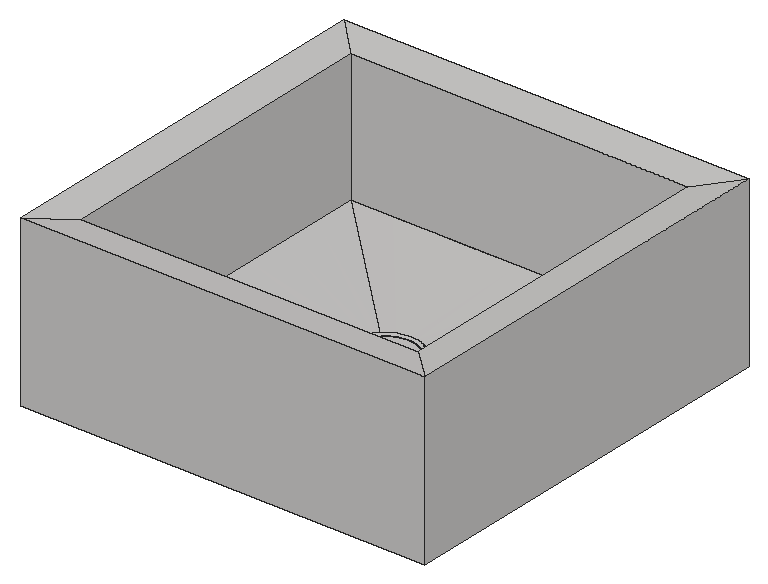
Revit family "1630", category Plumbing Fixtures, host Face, Revit 2016
Family settings
  Host = Face
  Part Type = Normal
  Round Connector Dimension = Use Diameter
  OmniClass Number = 23.45.05.14.14.27
  OmniClass Title = Service Sinks
  Cut with Voids When Loaded = No
  Shared = Yes
  Room Calculation Point = No
Parameters (values of type "1630")
  Width = 24"  # constant formula
  Waste Connection = yes
  Warranty Documentation Link = "www.acorneng.com/terms-and-conditions"
  WFU = 4  # constant formula
  Vent Connection = no
  URL = "http://www.acorneng.com/"
  Type Comments = ""
  Top edge to Sink Floor = 8 1/4"  # constant formula
  TF3 Tiling Flange, Three Sides (Rear, Right and Left Sides) = no
  TF2 Tiling Flange, Two Adjacent Sides  (Rear & Right Side) = no
  TF2 Tiling Flange, Two Adjacent Sides  (Rear & Left Side) = no
  TF1 Tiling Flange, Rear Side = no
  TA - Threshold Anchors = no
  Product Page URL = "https://www.acorneng.com/product.aspx?ProductId=1084"
  Product Documentation Link = "https://www.acorneng.com/uploads/fileLibrary/1630.pdf"
  Model = "1630"  # constant formula
  Material = Metal-Acorn-Stainless Steel_Brushed
  Manufacturer = "Acorn"  # constant formula
  Length = 24"  # constant formula
  KWG24 Stainless Steel Wall Guard, 12” x 24” Specify Quantity: = no
  KMH 3 Mop Hanger Stainless Steel Bracket = no
  KH36 - Hose 36" Long with Wall Hanger = no
  KFC Chrome Utility Faucet, Hot & Cold, 8” Centerset (not Vandal Resistant; Shipped Loose) = no
  KDG3 - Rubber Drain Gasket for 3" Waste Pipe = no
  Height = 10"  # constant formula
  HWFU = 3  # constant formula
  HW Connection = no
  Edge Thickness = 2"  # constant formula
  Drain Extension = 1/2"  # constant formula
  Description = "Penal-Ware 1630 Series Stainless Steel Mop Sink"  # constant formula
  Default Elevation = 0"
  Creation Date = "6/11/2020"  # constant formula
  Connection Size = 3"  # constant formula
  CWFU = 3  # constant formula
  CW Connection = no
  BDS - Beehive Dome Strainer = no
  Assembly Code = "D2010440"
  1630 Mop Sink, 24" x 24" x 10” Deep = yes
Reference planes (in)
  plane 1 "Center (Front/Back)": y = 0
  plane 2: z = 0
  plane 3 "Center (Left/Right)": x = 0
  plane 4: x = -12
  plane 5: x = 12
  plane 6: y = 12
  plane 7: y = -12
  plane 8: x = -10
  plane 9: x = 10
  plane 10: y = 10
  plane 11: y = -10
  plane 12: z = 10
  plane 13: z = 1.75
  plane 14: z = -0.5
  plane 15: y = -11.96875
Forms (in)
  Sweep 1, solid, material "Metal-Acorn-Stainless Steel_Brushed" <- "Material"
    path origin (0, 0, 0) x (1, 0, 0) y (0, 1, 0)
      loop
        line (-12, 12) -> (-12, -12) -> (12, -12) -> (12, 12) -> (-12, 12)
    profile origin (-12, 0, 0) x (-1, 0, 0) y (0, 0, 1)
      loop
        line (-2, 0) -> (0, 0) -> (0, 10) -> (-2, 9.75443) -> (-2, 0)
  Extrusion 2, solid, material "Metal-Acorn-Stainless Steel_Brushed" <- "Material"
    sketch origin (0, 0, 0) x (1, 0, 0) y (0, 1, 0)
      loop
        line (-10, 10) -> (-10, -10) -> (10, -10) -> (10, 10) -> (-10, 10)
    from 0 to 2
  Blend 3, void
    base sketch origin (0, 0, 0) x (1, 0, 0) y (0, 1, 0)
      loop
        line (-10, 10) -> (-10, -10) -> (10, -10) -> (10, 10) -> (-10, 10)
    top sketch origin (0, 0, 0) x (1, 0, 0) y (0, 1, 0)
      loop
        arc (-1.41421, -1.41421) -> (0, -2) -> (1.41421, -1.41421) r 2
        arc (1.41421, -1.41421) -> (2, 0) -> (1.41421, 1.41421) r 2
        arc (1.41421, 1.41421) -> (0, 2) -> (-1.41421, 1.41421) r 2
        arc (-1.41421, 1.41421) -> (-2, 0) -> (-1.41421, -1.41421) r 2
    from 2 to 1.75
  Revolve 4, solid, material "Metal-Acorn-Stainless Steel_Brushed"
    sketch origin (0, 0, -0.125) x (1, 0, 0) y (0, 0, 1)
      loop
        line (-1.4375, -0.5) -> (-1.4375, 1.7695) -> (0, 1.7695) -> (0, 1.832) -> (-1.75, 1.832) -> (-1.75, 1.7695) -> (-1.5, 1.7695) -> (-1.5, -0.5) -> (-1.4375, -0.5)
      axis (0, -0.5) -> (0, 1.832)
    angle from 0 to 360
  Blend 5, void
    base sketch origin (0, 0, -0.0559) x (1, 0, 0) y (0, 1, 0)
      loop
        circle (0, 0) r 1.75
    top sketch origin (0, 0, -0.0559) x (1, 0, 0) y (0, 1, 0)
      loop
        circle (0, 0) r 2
    from 1.7629 to 1.8059
  Revolve 6, void
    sketch origin (0, 0, 0) x (1, 0, 0) y (0, 0, 1)
      loop
        line (1.75, 1.75) -> (0, 1.75) -> (0, -0.5) -> (1.5, -0.5) -> (1.5, 1.6445) -> (1.75, 1.6445) -> (1.75, 1.75)
      axis (0, -0.5) -> (0, 1.75)
    angle from 0 to 360
  Extrusion 7, void
    sketch origin (0, 0, 0) x (1, 0, 0) y (0, 1, 0)
      loop
        arc (-0.09483, -0.06706) -> (-0.15208, -0.1243) -> (-0.09483, -0.18155) r 0.05725
        line (-0.09483, -0.18155) -> (0.08737, -0.18155)
        arc (0.08737, -0.18155) -> (0.14462, -0.1243) -> (0.08737, -0.06706) r 0.05725
        line (0.08737, -0.06706) -> (-0.09483, -0.06706)
      loop
        line (-0.09483, 0.06706) -> (0.08737, 0.06706)
        arc (0.08737, 0.06706) -> (0.14462, 0.1243) -> (0.08737, 0.18155) r 0.05725
        line (0.08737, 0.18155) -> (-0.09483, 0.18155)
        arc (-0.09483, 0.18155) -> (-0.15208, 0.1243) -> (-0.09483, 0.06706) r 0.05725
      loop
        line (-0.09483, 0.2486) -> (0.08737, 0.2486)
        arc (0.08737, 0.2486) -> (0.14462, 0.30585) -> (0.08737, 0.36309) r 0.05725
        line (0.08737, 0.36309) -> (-0.09483, 0.36309)
        arc (-0.09483, 0.36309) -> (-0.15208, 0.30585) -> (-0.09483, 0.2486) r 0.05725
      loop
        arc (-0.09483, -0.2486) -> (-0.15208, -0.30585) -> (-0.09483, -0.36309) r 0.05725
        line (-0.09483, -0.36309) -> (0.08737, -0.36309)
        arc (0.08737, -0.36309) -> (0.14462, -0.30585) -> (0.08737, -0.2486) r 0.05725
        line (0.08737, -0.2486) -> (-0.09483, -0.2486)
      loop
        arc (-0.50605, -0.06706) -> (-0.56329, -0.1243) -> (-0.50605, -0.18155) r 0.05725
        line (-0.50605, -0.18155) -> (-0.32385, -0.18155)
        arc (-0.32385, -0.18155) -> (-0.2666, -0.1243) -> (-0.32385, -0.06706) r 0.05725
        line (-0.32385, -0.06706) -> (-0.50605, -0.06706)
      loop
        line (-0.50605, 0.06706) -> (-0.32385, 0.06706)
        arc (-0.32385, 0.06706) -> (-0.2666, 0.1243) -> (-0.32385, 0.18155) r 0.05725
        line (-0.32385, 0.18155) -> (-0.50605, 0.18155)
        arc (-0.50605, 0.18155) -> (-0.56329, 0.1243) -> (-0.50605, 0.06706) r 0.05725
      loop
        line (-0.50605, 0.2486) -> (-0.32385, 0.2486)
        arc (-0.32385, 0.2486) -> (-0.2666, 0.30585) -> (-0.32385, 0.36309) r 0.05725
        line (-0.32385, 0.36309) -> (-0.50605, 0.36309)
        arc (-0.50605, 0.36309) -> (-0.56329, 0.30585) -> (-0.50605, 0.2486) r 0.05725
      loop
        arc (-0.50605, -0.2486) -> (-0.56329, -0.30585) -> (-0.50605, -0.36309) r 0.05725
        line (-0.50605, -0.36309) -> (-0.32385, -0.36309)
        arc (-0.32385, -0.36309) -> (-0.2666, -0.30585) -> (-0.32385, -0.2486) r 0.05725
        line (-0.32385, -0.2486) -> (-0.50605, -0.2486)
      loop
        line (0.50605, -0.06706) -> (0.32385, -0.06706)
        arc (0.32385, -0.06706) -> (0.2666, -0.1243) -> (0.32385, -0.18155) r 0.05725
        line (0.32385, -0.18155) -> (0.50605, -0.18155)
        arc (0.50605, -0.18155) -> (0.56329, -0.1243) -> (0.50605, -0.06706) r 0.05725
      loop
        arc (0.50605, 0.06706) -> (0.56329, 0.1243) -> (0.50605, 0.18155) r 0.05725
        line (0.50605, 0.18155) -> (0.32385, 0.18155)
        arc (0.32385, 0.18155) -> (0.2666, 0.1243) -> (0.32385, 0.06706) r 0.05725
        line (0.32385, 0.06706) -> (0.50605, 0.06706)
      loop
        arc (0.50605, 0.2486) -> (0.56329, 0.30585) -> (0.50605, 0.36309) r 0.05725
        line (0.50605, 0.36309) -> (0.32385, 0.36309)
        arc (0.32385, 0.36309) -> (0.2666, 0.30585) -> (0.32385, 0.2486) r 0.05725
        line (0.32385, 0.2486) -> (0.50605, 0.2486)
      loop
        line (0.50605, -0.2486) -> (0.32385, -0.2486)
        arc (0.32385, -0.2486) -> (0.2666, -0.30585) -> (0.32385, -0.36309) r 0.05725
        line (0.32385, -0.36309) -> (0.50605, -0.36309)
        arc (0.50605, -0.36309) -> (0.56329, -0.30585) -> (0.50605, -0.2486) r 0.05725
      loop
        line (-0.09483, 0.43015) -> (0.08737, 0.43015)
        arc (0.08737, 0.43015) -> (0.14462, 0.48739) -> (0.08737, 0.54464) r 0.05725
        line (0.08737, 0.54464) -> (-0.09483, 0.54464)
        arc (-0.09483, 0.54464) -> (-0.15208, 0.48739) -> (-0.09483, 0.43015) r 0.05725
      loop
        line (-0.50605, 0.43015) -> (-0.32385, 0.43015)
        arc (-0.32385, 0.43015) -> (-0.2666, 0.48739) -> (-0.32385, 0.54464) r 0.05725
        line (-0.32385, 0.54464) -> (-0.50605, 0.54464)
        arc (-0.50605, 0.54464) -> (-0.56329, 0.48739) -> (-0.50605, 0.43015) r 0.05725
      loop
        arc (0.50605, 0.43015) -> (0.56329, 0.48739) -> (0.50605, 0.54464) r 0.05725
        line (0.50605, 0.54464) -> (0.32385, 0.54464)
        arc (0.32385, 0.54464) -> (0.2666, 0.48739) -> (0.32385, 0.43015) r 0.05725
        line (0.32385, 0.43015) -> (0.50605, 0.43015)
      loop
        arc (-0.09483, -0.43015) -> (-0.15208, -0.48739) -> (-0.09483, -0.54464) r 0.05725
        line (-0.09483, -0.54464) -> (0.08737, -0.54464)
        arc (0.08737, -0.54464) -> (0.14462, -0.48739) -> (0.08737, -0.43015) r 0.05725
        line (0.08737, -0.43015) -> (-0.09483, -0.43015)
      loop
        arc (-0.50605, -0.43015) -> (-0.56329, -0.48739) -> (-0.50605, -0.54464) r 0.05725
        line (-0.50605, -0.54464) -> (-0.32385, -0.54464)
        arc (-0.32385, -0.54464) -> (-0.2666, -0.48739) -> (-0.32385, -0.43015) r 0.05725
        line (-0.32385, -0.43015) -> (-0.50605, -0.43015)
      loop
        line (0.50605, -0.43015) -> (0.32385, -0.43015)
        arc (0.32385, -0.43015) -> (0.2666, -0.48739) -> (0.32385, -0.54464) r 0.05725
        line (0.32385, -0.54464) -> (0.50605, -0.54464)
        arc (0.50605, -0.54464) -> (0.56329, -0.48739) -> (0.50605, -0.43015) r 0.05725
      loop
        line (-0.30044, 0.61169) -> (-0.11824, 0.61169)
        arc (-0.11824, 0.61169) -> (-0.06099, 0.66894) -> (-0.11824, 0.72618) r 0.05725
        line (-0.11824, 0.72618) -> (-0.30044, 0.72618)
        arc (-0.30044, 0.72618) -> (-0.35769, 0.66894) -> (-0.30044, 0.61169) r 0.05725
      loop
        arc (0.30044, 0.61169) -> (0.35769, 0.66894) -> (0.30044, 0.72618) r 0.05725
        line (0.30044, 0.72618) -> (0.11824, 0.72618)
        arc (0.11824, 0.72618) -> (0.06099, 0.66894) -> (0.11824, 0.61169) r 0.05725
        line (0.11824, 0.61169) -> (0.30044, 0.61169)
      loop
        arc (-0.30044, -0.61169) -> (-0.35769, -0.66894) -> (-0.30044, -0.72618) r 0.05725
        line (-0.30044, -0.72618) -> (-0.11824, -0.72618)
        arc (-0.11824, -0.72618) -> (-0.06099, -0.66894) -> (-0.11824, -0.61169) r 0.05725
        line (-0.11824, -0.61169) -> (-0.30044, -0.61169)
      loop
        line (0.30044, -0.61169) -> (0.11824, -0.61169)
        arc (0.11824, -0.61169) -> (0.06099, -0.66894) -> (0.11824, -0.72618) r 0.05725
        line (0.11824, -0.72618) -> (0.30044, -0.72618)
        arc (0.30044, -0.72618) -> (0.35769, -0.66894) -> (0.30044, -0.61169) r 0.05725
      loop
        line (-0.0911, 0.79324) -> (0.0911, 0.79324)
        arc (0.0911, 0.79324) -> (0.14835, 0.85048) -> (0.0911, 0.90773) r 0.05725
        line (0.0911, 0.90773) -> (-0.0911, 0.90773)
        arc (-0.0911, 0.90773) -> (-0.14835, 0.85048) -> (-0.0911, 0.79324) r 0.05725
      loop
        arc (-0.0911, -0.79324) -> (-0.14835, -0.85048) -> (-0.0911, -0.90773) r 0.05725
        line (-0.0911, -0.90773) -> (0.0911, -0.90773)
        arc (0.0911, -0.90773) -> (0.14835, -0.85048) -> (0.0911, -0.79324) r 0.05725
        line (0.0911, -0.79324) -> (-0.0911, -0.79324)
      loop
        line (-0.79227, 0.15783) -> (-0.73507, 0.15783)
        arc (-0.73507, 0.15783) -> (-0.67782, 0.21507) -> (-0.73507, 0.27232) r 0.05725
        line (-0.73507, 0.27232) -> (-0.79227, 0.27232)
        arc (-0.79227, 0.27232) -> (-0.84951, 0.21507) -> (-0.79227, 0.15783) r 0.05725
      loop
        arc (-0.79227, -0.15783) -> (-0.84951, -0.21507) -> (-0.79227, -0.27232) r 0.05725
        line (-0.79227, -0.27232) -> (-0.73507, -0.27232)
        arc (-0.73507, -0.27232) -> (-0.67782, -0.21507) -> (-0.73507, -0.15783) r 0.05725
        line (-0.73507, -0.15783) -> (-0.79227, -0.15783)
      loop
        line (-0.79227, -0.05725) -> (-0.73507, -0.05725)
        arc (-0.73507, -0.05725) -> (-0.67782, 0) -> (-0.73507, 0.05725) r 0.05725
        line (-0.73507, 0.05725) -> (-0.79227, 0.05725)
        arc (-0.79227, 0.05725) -> (-0.84951, 0) -> (-0.79227, -0.05725) r 0.05725
      loop
        arc (0.79227, 0.15783) -> (0.84951, 0.21507) -> (0.79227, 0.27232) r 0.05725
        line (0.79227, 0.27232) -> (0.73507, 0.27232)
        arc (0.73507, 0.27232) -> (0.67782, 0.21507) -> (0.73507, 0.15783) r 0.05725
        line (0.73507, 0.15783) -> (0.79227, 0.15783)
      loop
        line (0.79227, -0.15783) -> (0.73507, -0.15783)
        arc (0.73507, -0.15783) -> (0.67782, -0.21507) -> (0.73507, -0.27232) r 0.05725
        line (0.73507, -0.27232) -> (0.79227, -0.27232)
        arc (0.79227, -0.27232) -> (0.84951, -0.21507) -> (0.79227, -0.15783) r 0.05725
      loop
        arc (0.79227, -0.05725) -> (0.84951, 0) -> (0.79227, 0.05725) r 0.05725
        line (0.79227, 0.05725) -> (0.73507, 0.05725)
        arc (0.73507, 0.05725) -> (0.67782, 0) -> (0.73507, -0.05725) r 0.05725
        line (0.73507, -0.05725) -> (0.79227, -0.05725)
    from 1.6445 to 1.707
Cuts and joins
  Blend 3, Blend 5, Revolve 6 cuts Sweep 1
  Blend 3, Blend 5, Revolve 6 cuts Extrusion 2
  joined: Sweep 1, Extrusion 2
  Blend 3, Extrusion 7 cuts Revolve 4
Lines and regions (in)
  Masking region 1
    outline origin (0, 0, 0) x (1, 0, 0) y (0, 1, 0)
      loop
        line (-12, 12) -> (-12, -12) -> (12, -12) -> (12, 12) -> (-12, 12)
  symbolic lines, detail levels fine
    curve 1: line (-10, 10, 0) -> (-1.41421, 1.41421, 0)
    curve 2: line (10, -10, 0) -> (1.41421, -1.41421, 0)
    curve 5: line (-10, -10, 0) -> (-1.41421, -1.41421, 0)
    curve 6: line (1.41421, 1.41421, 0) -> (10, 10, 0)
    curve 10: circle (0, 0, 0) r 2 normal (0, 0, 1)
    curve 11: arc (-0.0911, 0.79324, 0) -> (-0.14835, 0.85048, 0) -> (-0.0911, 0.90773, 0) r 0.05725
    curve 12: line (-0.0911, 0.90773, 0) -> (0.0911, 0.90773, 0)
    curve 13: arc (0.0911, 0.90773, 0) -> (0.14835, 0.85048, 0) -> (0.0911, 0.79324, 0) r 0.05725
    curve 14: line (0.0911, 0.79324, 0) -> (-0.0911, 0.79324, 0)
    curve 15: line (-0.11824, 0.61169, 0) -> (-0.30044, 0.61169, 0)
    curve 16: arc (-0.30044, 0.61169, 0) -> (-0.35769, 0.66894, 0) -> (-0.30044, 0.72618, 0) r 0.05725
    curve 17: line (-0.30044, 0.72618, 0) -> (-0.11824, 0.72618, 0)
    curve 18: arc (-0.11824, 0.72618, 0) -> (-0.06099, 0.66894, 0) -> (-0.11824, 0.61169, 0) r 0.05725
    curve 19: line (-0.32385, 0.43015, 0) -> (-0.50605, 0.43015, 0)
    curve 20: arc (-0.50605, 0.43015, 0) -> (-0.56329, 0.48739, 0) -> (-0.50605, 0.54464, 0) r 0.05725
    curve 21: line (-0.50605, 0.54464, 0) -> (-0.32385, 0.54464, 0)
    curve 22: arc (-0.32385, 0.54464, 0) -> (-0.2666, 0.48739, 0) -> (-0.32385, 0.43015, 0) r 0.05725
    curve 23: arc (-0.50605, 0.2486, 0) -> (-0.56329, 0.30585, 0) -> (-0.50605, 0.36309, 0) r 0.05725
    curve 24: line (-0.50605, 0.36309, 0) -> (-0.32385, 0.36309, 0)
    curve 25: arc (-0.32385, 0.36309, 0) -> (-0.2666, 0.30585, 0) -> (-0.32385, 0.2486, 0) r 0.05725
    curve 26: line (-0.32385, 0.2486, 0) -> (-0.50605, 0.2486, 0)
    curve 27: arc (-0.79227, 0.15783, 0) -> (-0.84951, 0.21507, 0) -> (-0.79227, 0.27232, 0) r 0.05725
    curve 28: line (-0.79227, 0.27232, 0) -> (-0.73507, 0.27232, 0)
    curve 29: arc (-0.73507, 0.27232, 0) -> (-0.67782, 0.21507, 0) -> (-0.73507, 0.15783, 0) r 0.05725
    curve 30: line (-0.73507, 0.15783, 0) -> (-0.79227, 0.15783, 0)
    curve 31: line (0.30044, 0.61169, 0) -> (0.11824, 0.61169, 0)
    curve 32: arc (0.11824, 0.61169, 0) -> (0.06099, 0.66894, 0) -> (0.11824, 0.72618, 0) r 0.05725
    curve 33: line (0.11824, 0.72618, 0) -> (0.30044, 0.72618, 0)
    curve 34: arc (0.30044, 0.72618, 0) -> (0.35769, 0.66894, 0) -> (0.30044, 0.61169, 0) r 0.05725
    curve 35: line (0.32385, 0.54464, 0) -> (0.50605, 0.54464, 0)
    curve 36: arc (0.50605, 0.54464, 0) -> (0.56329, 0.48739, 0) -> (0.50605, 0.43015, 0) r 0.05725
    curve 37: line (0.50605, 0.43015, 0) -> (0.32385, 0.43015, 0)
    curve 38: arc (0.32385, 0.43015, 0) -> (0.2666, 0.48739, 0) -> (0.32385, 0.54464, 0) r 0.05725
    curve 39: line (-0.09483, 0.54464, 0) -> (0.08737, 0.54464, 0)
    curve 40: arc (0.08737, 0.54464, 0) -> (0.14462, 0.48739, 0) -> (0.08737, 0.43015, 0) r 0.05725
    curve 41: line (0.08737, 0.43015, 0) -> (-0.09483, 0.43015, 0)
    curve 42: arc (-0.09483, 0.43015, 0) -> (-0.15208, 0.48739, 0) -> (-0.09483, 0.54464, 0) r 0.05725
    curve 43: line (0.08737, 0.2486, 0) -> (-0.09483, 0.2486, 0)
    curve 44: arc (-0.09483, 0.2486, 0) -> (-0.15208, 0.30585, 0) -> (-0.09483, 0.36309, 0) r 0.05725
    curve 45: line (-0.09483, 0.36309, 0) -> (0.08737, 0.36309, 0)
    curve 46: arc (0.08737, 0.36309, 0) -> (0.14462, 0.30585, 0) -> (0.08737, 0.2486, 0) r 0.05725
    curve 47: line (0.50605, 0.2486, 0) -> (0.32385, 0.2486, 0)
    curve 48: arc (0.32385, 0.2486, 0) -> (0.2666, 0.30585, 0) -> (0.32385, 0.36309, 0) r 0.05725
    curve 49: line (0.32385, 0.36309, 0) -> (0.50605, 0.36309, 0)
    curve 50: arc (0.50605, 0.36309, 0) -> (0.56329, 0.30585, 0) -> (0.50605, 0.2486, 0) r 0.05725
    curve 51: line (0.79227, 0.15783, 0) -> (0.73507, 0.15783, 0)
    curve 52: arc (0.73507, 0.15783, 0) -> (0.67782, 0.21507, 0) -> (0.73507, 0.27232, 0) r 0.05725
    curve 53: line (0.73507, 0.27232, 0) -> (0.79227, 0.27232, 0)
    curve 54: arc (0.79227, 0.27232, 0) -> (0.84951, 0.21507, 0) -> (0.79227, 0.15783, 0) r 0.05725
    curve 55: line (0.50605, 0.06706, 0) -> (0.32385, 0.06706, 0)
    curve 56: arc (0.32385, 0.06706, 0) -> (0.2666, 0.1243, 0) -> (0.32385, 0.18155, 0) r 0.05725
    curve 57: line (0.32385, 0.18155, 0) -> (0.50605, 0.18155, 0)
    curve 58: arc (0.50605, 0.18155, 0) -> (0.56329, 0.1243, 0) -> (0.50605, 0.06706, 0) r 0.05725
    curve 59: line (0.08737, 0.06706, 0) -> (-0.09483, 0.06706, 0)
    curve 60: arc (-0.09483, 0.06706, 0) -> (-0.15208, 0.1243, 0) -> (-0.09483, 0.18155, 0) r 0.05725
    curve 61: line (-0.09483, 0.18155, 0) -> (0.08737, 0.18155, 0)
    curve 62: arc (0.08737, 0.18155, 0) -> (0.14462, 0.1243, 0) -> (0.08737, 0.06706, 0) r 0.05725
    curve 63: line (-0.32385, 0.06706, 0) -> (-0.50605, 0.06706, 0)
    curve 64: arc (-0.50605, 0.06706, 0) -> (-0.56329, 0.1243, 0) -> (-0.50605, 0.18155, 0) r 0.05725
    curve 65: line (-0.50605, 0.18155, 0) -> (-0.32385, 0.18155, 0)
    curve 66: arc (-0.32385, 0.18155, 0) -> (-0.2666, 0.1243, 0) -> (-0.32385, 0.06706, 0) r 0.05725
    curve 67: arc (-0.73507, -0.05725, 0) -> (-0.67782, 0, 0) -> (-0.73507, 0.05725, 0) r 0.05725
    curve 68: arc (-0.79227, 0.05725, 0) -> (-0.84951, 0, 0) -> (-0.79227, -0.05725, 0) r 0.05725
    curve 69: line (-0.73507, 0.05725, 0) -> (-0.79227, 0.05725, 0)
    curve 70: line (-0.79227, -0.05725, 0) -> (-0.73507, -0.05725, 0)
    curve 71: line (0.73507, -0.05725, 0) -> (0.79227, -0.05725, 0)
    curve 72: line (0.79227, 0.05725, 0) -> (0.73507, 0.05725, 0)
    curve 73: arc (0.73507, 0.05725, 0) -> (0.67782, 0, 0) -> (0.73507, -0.05725, 0) r 0.05725
    curve 74: arc (0.79227, -0.05725, 0) -> (0.84951, 0, 0) -> (0.79227, 0.05725, 0) r 0.05725
    curve 75: arc (0.79227, -0.15783, 0) -> (0.84951, -0.21507, 0) -> (0.79227, -0.27232, 0) r 0.05725
    curve 76: line (0.79227, -0.27232, 0) -> (0.73507, -0.27232, 0)
    curve 77: arc (0.73507, -0.27232, 0) -> (0.67782, -0.21507, 0) -> (0.73507, -0.15783, 0) r 0.05725
    curve 78: line (0.73507, -0.15783, 0) -> (0.79227, -0.15783, 0)
    curve 79: line (0.50605, -0.18155, 0) -> (0.32385, -0.18155, 0)
    curve 80: arc (0.32385, -0.18155, 0) -> (0.2666, -0.1243, 0) -> (0.32385, -0.06706, 0) r 0.05725
    curve 81: line (0.32385, -0.06706, 0) -> (0.50605, -0.06706, 0)
    curve 82: arc (0.50605, -0.06706, 0) -> (0.56329, -0.1243, 0) -> (0.50605, -0.18155, 0) r 0.05725
    curve 83: line (0.08737, -0.18155, 0) -> (-0.09483, -0.18155, 0)
    curve 84: arc (-0.09483, -0.18155, 0) -> (-0.15208, -0.1243, 0) -> (-0.09483, -0.06706, 0) r 0.05725
    curve 85: line (-0.09483, -0.06706, 0) -> (0.08737, -0.06706, 0)
    curve 86: arc (0.08737, -0.06706, 0) -> (0.14462, -0.1243, 0) -> (0.08737, -0.18155, 0) r 0.05725
    curve 87: line (-0.32385, -0.18155, 0) -> (-0.50605, -0.18155, 0)
    curve 88: arc (-0.50605, -0.18155, 0) -> (-0.56329, -0.1243, 0) -> (-0.50605, -0.06706, 0) r 0.05725
    curve 89: line (-0.50605, -0.06706, 0) -> (-0.32385, -0.06706, 0)
    curve 90: arc (-0.32385, -0.06706, 0) -> (-0.2666, -0.1243, 0) -> (-0.32385, -0.18155, 0) r 0.05725
    curve 91: line (-0.73507, -0.27232, 0) -> (-0.79227, -0.27232, 0)
    curve 92: arc (-0.79227, -0.27232, 0) -> (-0.84951, -0.21507, 0) -> (-0.79227, -0.15783, 0) r 0.05725
    curve 93: line (-0.79227, -0.15783, 0) -> (-0.73507, -0.15783, 0)
    curve 94: arc (-0.73507, -0.15783, 0) -> (-0.67782, -0.21507, 0) -> (-0.73507, -0.27232, 0) r 0.05725
    curve 95: line (-0.32385, -0.36309, 0) -> (-0.50605, -0.36309, 0)
    curve 96: arc (-0.50605, -0.36309, 0) -> (-0.56329, -0.30585, 0) -> (-0.50605, -0.2486, 0) r 0.05725
    curve 97: line (-0.50605, -0.2486, 0) -> (-0.32385, -0.2486, 0)
    curve 98: arc (-0.32385, -0.2486, 0) -> (-0.2666, -0.30585, 0) -> (-0.32385, -0.36309, 0) r 0.05725
    curve 99: line (-0.50605, -0.43015, 0) -> (-0.32385, -0.43015, 0)
    curve 100: arc (-0.32385, -0.43015, 0) -> (-0.2666, -0.48739, 0) -> (-0.32385, -0.54464, 0) r 0.05725
    curve 101: line (-0.32385, -0.54464, 0) -> (-0.50605, -0.54464, 0)
    curve 102: arc (-0.50605, -0.54464, 0) -> (-0.56329, -0.48739, 0) -> (-0.50605, -0.43015, 0) r 0.05725
    curve 103: line (-0.30044, -0.61169, 0) -> (-0.11824, -0.61169, 0)
    curve 104: arc (-0.11824, -0.61169, 0) -> (-0.06099, -0.66894, 0) -> (-0.11824, -0.72618, 0) r 0.05725
    curve 105: line (-0.11824, -0.72618, 0) -> (-0.30044, -0.72618, 0)
    curve 106: arc (-0.30044, -0.72618, 0) -> (-0.35769, -0.66894, 0) -> (-0.30044, -0.61169, 0) r 0.05725
    curve 107: arc (0.0911, -0.79324, 0) -> (0.14835, -0.85048, 0) -> (0.0911, -0.90773, 0) r 0.05725
    curve 108: line (0.0911, -0.90773, 0) -> (-0.0911, -0.90773, 0)
    curve 109: arc (-0.0911, -0.90773, 0) -> (-0.14835, -0.85048, 0) -> (-0.0911, -0.79324, 0) r 0.05725
    curve 110: line (-0.0911, -0.79324, 0) -> (0.0911, -0.79324, 0)
    curve 111: line (0.30044, -0.72618, 0) -> (0.11824, -0.72618, 0)
    curve 112: arc (0.11824, -0.72618, 0) -> (0.06099, -0.66894, 0) -> (0.11824, -0.61169, 0) r 0.05725
    curve 113: line (0.11824, -0.61169, 0) -> (0.30044, -0.61169, 0)
    curve 114: arc (0.30044, -0.61169, 0) -> (0.35769, -0.66894, 0) -> (0.30044, -0.72618, 0) r 0.05725
    curve 115: arc (0.32385, -0.54464, 0) -> (0.2666, -0.48739, 0) -> (0.32385, -0.43015, 0) r 0.05725
    curve 116: line (0.32385, -0.43015, 0) -> (0.50605, -0.43015, 0)
    curve 117: arc (0.50605, -0.43015, 0) -> (0.56329, -0.48739, 0) -> (0.50605, -0.54464, 0) r 0.05725
    curve 118: line (0.50605, -0.54464, 0) -> (0.32385, -0.54464, 0)
    curve 119: line (0.50605, -0.36309, 0) -> (0.32385, -0.36309, 0)
    curve 120: arc (0.32385, -0.36309, 0) -> (0.2666, -0.30585, 0) -> (0.32385, -0.2486, 0) r 0.05725
    curve 121: line (0.32385, -0.2486, 0) -> (0.50605, -0.2486, 0)
    curve 122: arc (0.50605, -0.2486, 0) -> (0.56329, -0.30585, 0) -> (0.50605, -0.36309, 0) r 0.05725
    curve 123: line (0.08737, -0.36309, 0) -> (-0.09483, -0.36309, 0)
    curve 124: arc (-0.09483, -0.36309, 0) -> (-0.15208, -0.30585, 0) -> (-0.09483, -0.2486, 0) r 0.05725
    curve 125: line (-0.09483, -0.2486, 0) -> (0.08737, -0.2486, 0)
    curve 126: arc (0.08737, -0.2486, 0) -> (0.14462, -0.30585, 0) -> (0.08737, -0.36309, 0) r 0.05725
    curve 127: arc (-0.09483, -0.54464, 0) -> (-0.15208, -0.48739, 0) -> (-0.09483, -0.43015, 0) r 0.05725
    curve 128: line (-0.09483, -0.43015, 0) -> (0.08737, -0.43015, 0)
    curve 129: arc (0.08737, -0.43015, 0) -> (0.14462, -0.48739, 0) -> (0.08737, -0.54464, 0) r 0.05725
    curve 130: line (0.08737, -0.54464, 0) -> (-0.09483, -0.54464, 0)
    curve 131: line (-12, -12, 0) -> (-11.96875, -11.96875, 0)
    curve 132: line (-12, -12, 0) -> (-11.96875, -11.96875, 0)
  symbolic lines, detail levels medium+fine
    curve 3: line (10, -10, 0) -> (12, -12, 0)
    curve 4: line (-10, -10, 0) -> (-12, -12, 0)
    curve 7: line (10, 10, 0) -> (12, 12, 0)
    curve 8: line (-12, 12, 0) -> (-10, 10, 0)
    curve 9: circle (0, 0, 0) r 1.75 normal (0, 0, -1)
    curve 133: line (-10, 10, 0) -> (10, 10, 0)
    curve 134: line (-10, 10, 0) -> (-10, -10, 0)
    curve 135: line (10, -10, 0) -> (-10, -10, 0)
    curve 136: line (10, 10, 0) -> (10, -10, 0)
Dimensions and locks (in)
  "Length": plane 4 to plane 5
  "Width": plane 7 to plane 6
  "Edge Thickness": plane 6 to plane 10
  "Edge Thickness": plane 11 to plane 7
  "Edge Thickness": plane 4 to plane 8
  "Edge Thickness": plane 9 to plane 5
  "Top edge to Sink Floor": plane 12 to plane 13
  "Drain Extension": level to plane 14
  "Height": plane 12 to level
  aligned and locked: plane 2 to host face
  aligned and locked: level to host face
  aligned and locked: Blend 5 to Blend 3
  aligned and locked: plane 14 to Revolve 6 sketch curve
  aligned and locked: Revolve 6 sketch curve to plane 13
  aligned and locked: Extrusion 7 to cut or joined group of Sweep 1, Extrusion 2, Blend 3, Blend 5, Revolve 6  (x2)
  aligned and locked: Masking region 1 sketch curve to cut or joined group of Sweep 1, Extrusion 2, Blend 3, Blend 5, Revolve 6  (x4)
  aligned and locked: curve 133 to plane 10
  aligned and locked: curve 134 to plane 8
  aligned and locked: curve 135 to plane 11
  aligned and locked: curve 136 to plane 9
Automatic sketch dimensions
  host sketch curve to host sketch curve = 96"  (x2)
  Sweep 1 sketch curve to plane 4 = 0"
  Sweep 1 sketch curve to plane 5 = 0"
  Sweep 1 sketch curve to plane 7 = 0"
  plane 6 to Sweep 1 sketch curve = 0"
  Sweep 1 sketch curve to level = 0"
  Sweep 1 sketch curve to profile plane = 0"
  profile plane to Sweep 1 sketch curve = 2"
  level to Sweep 1 sketch curve = 9.75443"
  Sweep 1 sketch curve to Sweep 1 sketch curve = 0.24557"
  Extrusion 2 sketch curve to plane 8 = 0"
  Extrusion 2 sketch curve to plane 9 = 0"
  plane 11 to Extrusion 2 sketch curve = 0"
  Extrusion 2 sketch curve to plane 10 = 0"
  Blend 3 sketch curve to plane 8 = 0"
  Blend 3 sketch curve to plane 9 = 0"
  plane 11 to Blend 3 sketch curve = 0"
  Blend 3 sketch curve to plane 10 = 0"
  plane 1 "Center (Front/Back)" to Blend 5 sketch curve = 0"  (x2)
  Blend 5 sketch curve to plane 3 "Center (Left/Right)" = 0"  (x2)
  plane 1 "Center (Front/Back)" to Blend 3 sketch curve = 0"
  Blend 3 sketch curve to plane 3 "Center (Left/Right)" = 0"
  Blend 3 sketch curve to Blend 3 sketch curve = 0"  (x5)
  plane 1 "Center (Front/Back)" to Blend 3 sketch curve = 1.41421"  (x2)
  Blend 3 sketch curve to plane 1 "Center (Front/Back)" = 1.41421"
  Blend 3 sketch curve to plane 3 "Center (Left/Right)" = 1.41421"
  plane 3 "Center (Left/Right)" to Blend 3 sketch curve = 1.41421"
  Revolve 6 sketch curve to plane 3 "Center (Left/Right)" = 0"  (x2)
  Revolve 6 sketch curve to Revolve 6 sketch curve = 1 1/2"
  Revolve 6 sketch curve to Revolve 6 sketch curve = 1/4"
  plane 13 to Revolve 6 sketch curve = 0.1055"
  Revolve 6 sketch curve to Revolve 6 sketch curve = 0.38103"
  Revolve 6 sketch curve to Revolve 6 sketch curve = 0.16801"
  Revolve 4 sketch curve to plane 3 "Center (Left/Right)" = 0"  (x2)
  plane 13 to Revolve 4 sketch curve = 0.1055"
  Revolve 4 sketch curve to Revolve 4 sketch curve = 1/16"  (x2)
  Revolve 4 sketch curve to Revolve 4 sketch curve = 1/4"  (x2)
  Revolve 4 sketch curve to plane 14 = 1/8"
  Revolve 4 sketch curve to plane 13 = 7/8"
  Revolve 4 sketch curve to Revolve 4 sketch curve = 1 7/16"
  Revolve 4 sketch curve to Revolve 4 sketch curve = 0"
  plane 1 "Center (Front/Back)" to Extrusion 7 sketch curve = 0"  (x2)
  Extrusion 7 sketch curve to plane 1 "Center (Front/Back)" = 0.21507"
  Extrusion 7 sketch curve to plane 3 "Center (Left/Right)" = 0.79227"
  Extrusion 7 sketch curve to Extrusion 7 sketch curve = 0"  (x48)
  Extrusion 7 sketch curve to Extrusion 7 sketch curve = 0.0572"  (x6)
  Extrusion 7 sketch curve to Extrusion 7 sketch curve = 0.22902"  (x3)
  Extrusion 7 sketch curve to plane 1 "Center (Front/Back)" = 0.06706"  (x3)
  Extrusion 7 sketch curve to Extrusion 7 sketch curve = 0.1822"  (x7)
  Extrusion 7 sketch curve to Extrusion 7 sketch curve = 0.02341"  (x4)
  Extrusion 7 sketch curve to plane 3 "Center (Left/Right)" = 0.11824"  (x2)
  Extrusion 7 sketch curve to plane 3 "Center (Left/Right)" = 0.09483"  (x5)
  Extrusion 7 sketch curve to plane 3 "Center (Left/Right)" = 0.0911"  (x2)
  plane 3 "Center (Left/Right)" to Extrusion 7 sketch curve = 0.08737"  (x6)
  plane 3 "Center (Left/Right)" to Extrusion 7 sketch curve = 0.0911"  (x2)
  Extrusion 7 sketch curve to Extrusion 7 sketch curve = 0.03087"
  plane 3 "Center (Left/Right)" to Extrusion 7 sketch curve = 0.11824"
  Extrusion 7 sketch curve to Extrusion 7 sketch curve = 0.23648"  (x2)
  plane 1 "Center (Front/Back)" to Extrusion 7 sketch curve = 0.05725"
  plane 1 "Center (Front/Back)" to Extrusion 7 sketch curve = 0.06706"  (x3)
  Extrusion 7 sketch curve to Extrusion 7 sketch curve = 0.05725"  (x29)
  Extrusion 7 sketch curve to Extrusion 7 sketch curve = 0.15783"
  Extrusion 7 sketch curve to Extrusion 7 sketch curve = 0.10058"  (x2)
  Extrusion 7 sketch curve to Extrusion 7 sketch curve = 0.06706"  (x18)
  curve 9 to curve 10 = 0"  (x2)
  curve 4 to plane 4 = 0"
  curve 8 to plane 4 = 0"
  plane 1 "Center (Front/Back)" to curve 10 = 0"
  curve 10 to plane 3 "Center (Left/Right)" = 0"
  curve 7 to plane 5 = 0"
  curve 3 to plane 5 = 0"
  curve 4 to plane 7 = 0"
  curve 3 to plane 7 = 0"
  plane 6 to curve 8 = 0"
  plane 6 to curve 7 = 0"
  curve 1 to plane 3 "Center (Left/Right)" = 1.41421"
  curve 1 to plane 1 "Center (Front/Back)" = 1.41421"
  curve 6 to plane 1 "Center (Front/Back)" = 1.41421"
  curve 5 to plane 3 "Center (Left/Right)" = 1.41421"
  plane 3 "Center (Left/Right)" to curve 2 = 1.41421"
  curve 12 to plane 3 "Center (Left/Right)" = 0.0911"
  plane 3 "Center (Left/Right)" to curve 14 = 0.0911"
  curve 14 to plane 1 "Center (Front/Back)" = 0.79324"
  curve 14 to curve 13 = 0.05725"
  curve 16 to curve 11 = 0.20934"
  curve 17 to curve 11 = 0.02714"
  curve 15 to curve 11 = 0.18155"
  curve 15 to curve 16 = 0.05725"
  curve 20 to curve 16 = 0.20561"
  curve 21 to curve 16 = 0.02341"
  curve 19 to curve 16 = 0.18155"
  curve 19 to curve 20 = 0.05725"
  curve 24 to curve 19 = 0"
  curve 26 to curve 19 = 0"
  curve 26 to curve 19 = 0.18155"
  curve 25 to curve 25 = 0.05725"
  curve 28 to curve 23 = 0.28622"
  curve 30 to curve 30 = 0.0572"
  curve 30 to plane 1 "Center (Front/Back)" = 0.15783"
  curve 29 to curve 29 = 0.05725"
  plane 3 "Center (Left/Right)" to curve 32 = 0.11824"
  curve 33 to curve 33 = 0.1822"
  curve 31 to curve 14 = 0.18155"
  curve 31 to curve 32 = 0.05725"
  curve 34 to curve 37 = 0.02341"
  curve 38 to curve 36 = 0.1822"
  curve 37 to curve 34 = 0.18155"
  curve 36 to curve 36 = 0.05725"
  curve 15 to curve 39 = 0.02341"
  curve 39 to curve 32 = 0.03087"
  curve 41 to curve 32 = 0.18155"
  curve 40 to curve 40 = 0.05725"
  curve 45 to curve 41 = 0"
  plane 3 "Center (Left/Right)" to curve 46 = 0.08737"
  curve 43 to curve 41 = 0.18155"
  curve 43 to curve 44 = 0.05725"
  curve 49 to curve 37 = 0"
  curve 49 to curve 36 = 0"
  curve 47 to curve 36 = 0.18155"
  curve 47 to curve 48 = 0.05725"
  curve 47 to curve 53 = 0.22902"
  curve 52 to curve 54 = 0.0572"
  curve 51 to plane 1 "Center (Front/Back)" = 0.15783"
  curve 52 to curve 52 = 0.05725"
  curve 57 to curve 47 = 0"
  curve 58 to curve 50 = 0"
  curve 55 to plane 1 "Center (Front/Back)" = 0.06706"
  curve 55 to curve 56 = 0.05725"
  curve 61 to curve 43 = 0"
  plane 3 "Center (Left/Right)" to curve 62 = 0.08737"
  curve 59 to plane 1 "Center (Front/Back)" = 0.06706"
  curve 59 to curve 60 = 0.05725"
  curve 63 to plane 1 "Center (Front/Back)" = 0.06706"
  curve 63 to curve 23 = 0"
  curve 66 to curve 26 = 0"
  curve 63 to curve 66 = 0.05725"
  plane 1 "Center (Front/Back)" to curve 67 = 0"
  curve 68 to curve 27 = 0"
  curve 68 to curve 67 = 0.0572"
  curve 67 to curve 69 = 0.05725"
  plane 1 "Center (Front/Back)" to curve 73 = 0"
  curve 72 to curve 51 = 0"
  plane 1 "Center (Front/Back)" to curve 71 = 0.05725"
  curve 71 to curve 71 = 0.0572"
  curve 78 to curve 71 = 0"
  curve 76 to curve 76 = 0.0572"
  curve 76 to curve 71 = 0.21507"
  curve 75 to curve 75 = 0.05725"
  curve 80 to curve 56 = 0"
  curve 79 to curve 79 = 0.1822"
  plane 1 "Center (Front/Back)" to curve 79 = 0.18155"
  curve 79 to curve 80 = 0.05725"
  curve 83 to plane 3 "Center (Left/Right)" = 0.09483"
  plane 3 "Center (Left/Right)" to curve 86 = 0.08737"
  plane 1 "Center (Front/Back)" to curve 83 = 0.18155"
  curve 83 to curve 84 = 0.05725"
  curve 87 to curve 63 = 0"
  plane 1 "Center (Front/Back)" to curve 89 = 0.06706"
  curve 89 to curve 63 = 0"
  curve 87 to curve 88 = 0.11449"
  curve 92 to curve 70 = 0"
  curve 91 to curve 91 = 0.0572"
  curve 91 to curve 70 = 0.21507"
  curve 91 to curve 94 = 0.05725"
  curve 96 to curve 87 = 0"
  curve 95 to curve 90 = 0"
  curve 95 to curve 90 = 0.18155"
  curve 95 to curve 96 = 0.05725"
  curve 99 to curve 95 = 0"
  curve 101 to curve 98 = 0"
  curve 101 to curve 98 = 0.18155"
  curve 101 to curve 100 = 0.05725"
  curve 100 to curve 103 = 0.02341"
  curve 103 to plane 3 "Center (Left/Right)" = 0.11824"
  curve 105 to curve 101 = 0.18155"
  curve 105 to curve 106 = 0.05725"
  curve 109 to plane 3 "Center (Left/Right)" = 0.0911"
  plane 3 "Center (Left/Right)" to curve 107 = 0.0911"
  curve 108 to curve 105 = 0.18155"
  curve 107 to curve 107 = 0.05725"
  curve 107 to curve 111 = 0.02714"
  curve 112 to curve 113 = 0.1822"
  curve 107 to curve 111 = 0.06706"
  curve 111 to curve 114 = 0.05725"
  curve 114 to curve 116 = 0.02341"
  curve 116 to curve 116 = 0.1822"
  curve 114 to curve 118 = 0.06706"
  curve 118 to curve 115 = 0.05725"
  curve 119 to curve 116 = 0"
  curve 121 to curve 79 = 0"
  curve 116 to curve 119 = 0.06706"
  curve 119 to curve 122 = 0.05725"
  curve 123 to plane 3 "Center (Left/Right)" = 0.09483"
  plane 3 "Center (Left/Right)" to curve 123 = 0.08737"
  curve 123 to curve 83 = 0.18155"
  curve 123 to curve 126 = 0.05725"
  curve 128 to curve 123 = 0"
  plane 3 "Center (Left/Right)" to curve 129 = 0.08737"
  curve 113 to curve 130 = 0.06706"
  curve 129 to curve 129 = 0.05725"
  curve 131 to plane 4 = 0"
  curve 131 to plane 7 = 0"
  curve 131 to plane 15 = 0"
  curve 132 to plane 4 = 0"
  curve 132 to plane 7 = 0"
  curve 132 to plane 15 = 0"
  plane 4 to curve 131 = 1/32"
  curve 132 to curve 131 = 0"
  radius of Blend 5 sketch curve = 2"
  radius of Blend 5 sketch curve = 1 3/4"
  radius of curve 9 = 1 3/4"
Connectors (in)
  piping at (0, 0, 0), diameter 3, driven by "WFU", driven by "Connection Size"
    settings: on cut or joined group of Sweep 1, Extrusion 2, Blend 3, Blend 5, Revolve 6, index 1, connector inside diameter 3", connector length 0", flow factor 0, pipe flow 0 GPM, pressure drop 0.00 psi, fitting loss kfactor 0, connector angle 0.00°, fixture units 4, engagement length 0", angle of deflection 0.00°, flow configuration 3, flow direction 2, fitting loss method 0, system type 16, joint type 0, gender type 0, connector reference index -1, connector utility 0, adjustable connector no, is connector primary yes, connector description "3\" Waste Connection"
